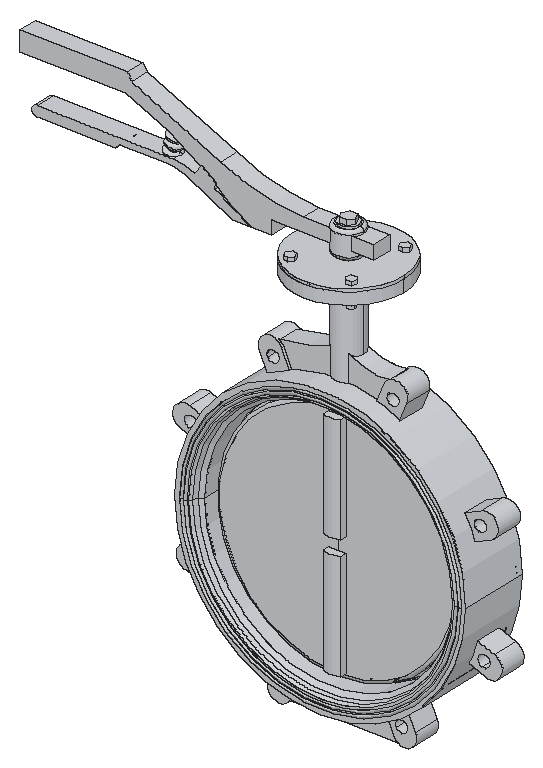
Revit family "R59FLY015", category Plumbing Fixtures, Revit 2015
Reference planes
  plane 1 "Center (Front/Back)": y = 0
  plane 2: z = 0
  plane 3 "Center (Left/Right)": x = 0
  plane 4: z = 202
  plane 5: x = -260
  plane 6: z = 279
  plane 7: z = -132
  plane 8: z = -30
  plane 9: z = 232
  plane 10: z = -30
  plane 11: y = -28.488
  plane 12: y = 28.012
Forms (mm)
  Extrusion 1, solid
    sketch origin (0, 0, 192) x (1, 0, 0) y (0, 1, 0)
      loop
        circle (0, 0) r 45
    from 0 to 10
  Extrusion 2, solid
    sketch origin (0, 45.948, -78.573) x (1, 0, 0) y (0, 0, 1)
      loop
        arc (-96.679, 319.319) -> (-132.67, 336.792) -> (-169.654, 352.049) r 659.286
        line (-169.654, 352.049) -> (-172.843, 357.573) -> (-260, 357.573) -> (-260, 341.853) -> (-174.471, 341.853)
        arc (-174.471, 341.853) -> (-122.152, 316.93) -> (-77.024, 280.573) r 248.649
        line (-77.024, 280.573) -> (-55.568, 280.573) -> (-55.568, 291.199) -> (26.878, 291.199) -> (26.878, 302.179) -> (-30.767, 302.179)
        arc (-30.767, 302.179) -> (-64.704, 306.978) -> (-96.679, 319.319) r 150.722
    from 37.966 to 54.11
  Extrusion 3, solid
    sketch origin (-37.783, 45.948, -148.087) x (1, 0, 0) y (0, 0, 1)
      loop
        line (-98.516, 377.301) -> (-208.006, 377.301)
        arc (-208.006, 377.301) -> (-212.274, 373.033) -> (-208.006, 368.766) r 4.268
        line (-208.006, 368.766) -> (-144.475, 368.766) -> (-140.939, 372.301) -> (-103.305, 372.301)
        arc (-103.305, 372.301) -> (-95.507, 371.471) -> (-88.058, 369.019) r 37.057
        arc (-88.058, 369.019) -> (-68.407, 360.05) -> (-49.241, 350.087) r 421.945
        line (-49.241, 350.087) -> (-34.866, 350.087)
        arc (-34.866, 350.087) -> (-48.985, 359.43) -> (-64, 367.252) r 162.429
        line (-64, 367.252) -> (-63.437, 371.843) -> (-74.98, 380.231) -> (-80.609, 372.485)
        arc (-80.609, 372.485) -> (-89.36, 375.646) -> (-98.516, 377.301) r 55.494
    from 37.966 to 54.11
  Extrusion 4, solid
    sketch origin (0, 0, -76.95) x (1, 0, 0) y (0, 1, 0)
      loop
        circle (0, 0) r 12
    from 189.916 to 268.95
  Revolve 5, solid
    sketch origin (0, 0, 0) x (0, 1, 0) y (0, 0, 1)
      loop
        line (-1.078, -101.414) -> (1.078, -101.414) -> (1.078, -100.48)
        arc (1.078, -100.48) -> (1.953, -99.047) -> (3.478, -98.343) r 2.888
        line (3.478, -98.343) -> (6.599, -98.343)
        arc (6.599, -98.343) -> (9.772, -96.601) -> (11.11, -93.238) r 5.351
        line (11.11, -93.238) -> (11.11, 0) -> (-11.11, 0) -> (-11.11, -95.674)
        arc (-11.11, -95.674) -> (-10.328, -97.561) -> (-8.44, -98.343) r 2.67
        line (-8.44, -98.343) -> (-3.478, -98.343)
        arc (-3.478, -98.343) -> (-1.953, -99.047) -> (-1.078, -100.48) r 2.888
        line (-1.078, -100.48) -> (-1.078, -101.414)
      axis (11.11, 0) -> (-11.11, 0)
    angle from 0 to 360
  Blend 6, solid
    base sketch origin (0, 0, -4.163) x (1, 0, 0) y (0, 1, 0)
      loop
        line (-6.883, 16.4) -> (-6.883, -16.4)
        arc (-6.883, -16.4) -> (0, -18.078) -> (6.883, -16.4) r 14.953
        line (6.883, -16.4) -> (6.883, 16.4)
        arc (6.883, 16.4) -> (0, 18.078) -> (-6.883, 16.4) r 14.953
    top sketch origin (0, 0, 0) x (1, 0, 0) y (0, 1, 0)
      loop
        line (-6.883, 16.4) -> (-6.883, -16.4)
        arc (-6.883, -16.4) -> (0, -18.078) -> (6.883, -16.4) r 14.953
        line (6.883, -16.4) -> (6.883, 16.4)
        arc (6.883, 16.4) -> (0, 18.078) -> (-6.883, 16.4) r 14.953
    from 10.163 to 92.996
  Blend 7, solid
    base sketch origin (0, 0, -38.601) x (0, -1, 0) y (1, 0, 0)
      loop
        line (-16.4, -6.883) -> (16.4, -6.883)
        arc (16.4, -6.883) -> (18.078, 0) -> (16.4, 6.883) r 14.953
        line (16.4, 6.883) -> (-16.4, 6.883)
        arc (-16.4, 6.883) -> (-18.078, 0) -> (-16.4, -6.883) r 14.953
    top sketch origin (0, 0, -35.117) x (0, -1, 0) y (1, 0, 0)
      loop
        line (-16.4, -6.883) -> (16.4, -6.883)
        arc (16.4, -6.883) -> (18.078, 0) -> (16.4, 6.883) r 14.953
        line (16.4, 6.883) -> (-16.4, 6.883)
        arc (-16.4, 6.883) -> (-18.078, 0) -> (-16.4, -6.883) r 14.953
    from -54.698 to 29.117
  Extrusion 8, solid
    sketch origin (-23.545, 0, 49.172) x (0.99863, 0, -0.052336) y (0.052336, 0, 0.99863)
      loop
        line (-18.251, 60.114) -> (-25.459, 74.264)
        arc (-25.459, 74.264) -> (-38.908, 78.635) -> (-43.28, 65.186) r 10
        line (-43.28, 65.186) -> (-36.072, 51.036) -> (-18.251, 60.114)
      loop
        circle (-32.1, 65.269) r 5
    from -10.546 to 10.991
  Extrusion 9, solid
    sketch origin (18.121, 0, 51.419) x (0.669131, 0, -0.743145) y (0.743145, 0, 0.669131)
      loop
        line (-18.251, 60.114) -> (-25.459, 74.264)
        arc (-25.459, 74.264) -> (-38.908, 78.635) -> (-43.28, 65.186) r 10
        line (-43.28, 65.186) -> (-36.072, 51.036) -> (-18.251, 60.114)
      loop
        circle (-32.1, 65.269) r 5
    from -10.546 to 10.991
  Extrusion 10, solid
    sketch origin (49.172, 0, 23.545) x (-0.052336, 0, -0.99863) y (0.99863, 0, -0.052336)
      loop
        line (-18.251, 60.114) -> (-25.459, 74.264)
        arc (-25.459, 74.264) -> (-38.908, 78.635) -> (-43.28, 65.186) r 10
        line (-43.28, 65.186) -> (-36.072, 51.036) -> (-18.251, 60.114)
      loop
        circle (-32.1, 65.269) r 5
    from -10.546 to 10.991
  Extrusion 11, solid
    sketch origin (51.419, 0, -18.121) x (-0.743145, 0, -0.669131) y (0.669131, 0, -0.743145)
      loop
        line (-18.251, 60.114) -> (-25.459, 74.264)
        arc (-25.459, 74.264) -> (-38.908, 78.635) -> (-43.28, 65.186) r 10
        line (-43.28, 65.186) -> (-36.072, 51.036) -> (-18.251, 60.114)
      loop
        circle (-32.1, 65.269) r 5
    from -10.546 to 10.991
  Extrusion 12, solid
    sketch origin (23.545, 0, -49.172) x (-0.99863, 0, 0.052336) y (-0.052336, 0, -0.99863)
      loop
        line (-18.251, 60.114) -> (-25.459, 74.264)
        arc (-25.459, 74.264) -> (-38.908, 78.635) -> (-43.28, 65.186) r 10
        line (-43.28, 65.186) -> (-36.072, 51.036) -> (-18.251, 60.114)
      loop
        circle (-32.1, 65.269) r 5
    from -10.546 to 10.991
  Extrusion 13, solid
    sketch origin (-18.121, 0, -51.419) x (-0.669131, 0, 0.743145) y (-0.743145, 0, -0.669131)
      loop
        line (-18.251, 60.114) -> (-25.459, 74.264)
        arc (-25.459, 74.264) -> (-38.908, 78.635) -> (-43.28, 65.186) r 10
        line (-43.28, 65.186) -> (-36.072, 51.036) -> (-18.251, 60.114)
      loop
        circle (-32.1, 65.269) r 5
    from -10.546 to 10.991
  Extrusion 14, solid
    sketch origin (-49.172, 0, -23.545) x (0.052336, 0, 0.99863) y (-0.99863, 0, 0.052336)
      loop
        line (-18.251, 60.114) -> (-25.459, 74.264)
        arc (-25.459, 74.264) -> (-38.908, 78.635) -> (-43.28, 65.186) r 10
        line (-43.28, 65.186) -> (-36.072, 51.036) -> (-18.251, 60.114)
      loop
        circle (-32.1, 65.269) r 5
    from -10.546 to 10.991
  Extrusion 15, solid
    sketch origin (-51.419, 0, 18.121) x (0.743145, 0, 0.669131) y (-0.669131, 0, 0.743145)
      loop
        line (-18.251, 60.114) -> (-25.459, 74.264)
        arc (-25.459, 74.264) -> (-38.908, 78.635) -> (-43.28, 65.186) r 10
        line (-43.28, 65.186) -> (-36.072, 51.036) -> (-18.251, 60.114)
      loop
        circle (-32.1, 65.269) r 5
    from -10.546 to 10.991
  Extrusion 16, solid
    sketch origin (99.126, -27.447, 204) x (0, -1, 0) y (1, 0, 0)
      loop
        line (3.99, -123.113) -> (0.805, -120.344) -> (-3.184, -121.718) -> (-3.99, -125.86) -> (-0.805, -128.628) -> (3.184, -127.254) -> (3.99, -123.113)
    from 0 to 3
  Extrusion 17, solid
    sketch origin (99.126, -27.447, 184) x (0, -1, 0) y (1, 0, 0)
      loop
        circle (0, -124.486) r 3
    from 2.505 to 20
  Extrusion 18, solid
    sketch origin (99.126, -27.447, 191) x (0, -1, 0) y (1, 0, 0)
      loop
        line (3.99, -123.113) -> (0.805, -120.344) -> (-3.184, -121.718) -> (-3.99, -125.86) -> (-0.805, -128.628) -> (3.184, -127.254) -> (3.99, -123.113)
      loop
        line (-3.444, -125.672) -> (-0.695, -128.061) -> (2.749, -126.876) -> (3.444, -123.301) -> (0.695, -120.911) -> (-2.749, -122.097) -> (-3.444, -125.672)
    from -1.968 to 1
  Extrusion 19, solid, not visible
    sketch origin (26.117, -96.518, 104.233) x (0, -1, 0) y (1, 0, 0)
      loop
        line (3.99, -123.113) -> (0.805, -120.344) -> (-3.184, -121.718) -> (-3.99, -125.86) -> (-0.805, -128.628) -> (3.184, -127.254) -> (3.99, -123.113)
    from 0 to 3
  Extrusion 20, solid, not visible
    sketch origin (26.117, -96.518, 84.233) x (0, -1, 0) y (1, 0, 0)
      loop
        circle (0, -124.486) r 3
    from 2.505 to 20
  Extrusion 21, solid, not visible
    sketch origin (26.117, -96.518, 91.233) x (0, -1, 0) y (1, 0, 0)
      loop
        line (3.99, -123.113) -> (0.805, -120.344) -> (-3.184, -121.718) -> (-3.99, -125.86) -> (-0.805, -128.628) -> (3.184, -127.254) -> (3.99, -123.113)
      loop
        line (-3.444, -125.672) -> (-0.695, -128.061) -> (2.749, -126.876) -> (3.444, -123.301) -> (0.695, -120.911) -> (-2.749, -122.097) -> (-3.444, -125.672)
    from -1.968 to 1
  Extrusion 22, solid
    sketch origin (0, 0, 202) x (1, 0, 0) y (0, 1, 0)
      loop
        circle (0, 0) r 45
    from 0 to 2
  Extrusion 23, solid
    sketch origin (99.126, -27.447, 204) x (0, -1, 0) y (1, 0, 0)
      loop
        line (-58.884, -123.113) -> (-58.079, -127.254) -> (-54.09, -128.628) -> (-50.905, -125.86) -> (-51.71, -121.718) -> (-55.7, -120.344) -> (-58.884, -123.113)
    from 0 to 3
  Extrusion 24, solid
    sketch origin (99.126, -27.447, 184) x (0, -1, 0) y (1, 0, 0)
      loop
        circle (-54.895, -124.486) r 3
    from 2.505 to 20
  Extrusion 25, solid
    sketch origin (99.126, -27.447, 191) x (0, -1, 0) y (1, 0, 0)
      loop
        line (-58.884, -123.113) -> (-58.079, -127.254) -> (-54.09, -128.628) -> (-50.905, -125.86) -> (-51.71, -121.718) -> (-55.7, -120.344) -> (-58.884, -123.113)
      loop
        line (-51.451, -125.672) -> (-52.146, -122.097) -> (-55.59, -120.911) -> (-58.339, -123.301) -> (-57.644, -126.876) -> (-54.2, -128.061) -> (-51.451, -125.672)
    from -1.968 to 1
  Extrusion 26, solid
    sketch origin (-100.376, 27.447, 204) x (0, 1, 0) y (-1, 0, 0)
      loop
        line (-58.884, -123.113) -> (-58.079, -127.254) -> (-54.09, -128.628) -> (-50.905, -125.86) -> (-51.71, -121.718) -> (-55.7, -120.344) -> (-58.884, -123.113)
    from 0 to 3
  Extrusion 27, solid
    sketch origin (-100.376, 27.447, 184) x (0, 1, 0) y (-1, 0, 0)
      loop
        circle (-54.895, -124.486) r 3
    from 2.505 to 20
  Extrusion 28, solid
    sketch origin (-100.376, 27.447, 191) x (0, 1, 0) y (-1, 0, 0)
      loop
        line (-58.884, -123.113) -> (-58.079, -127.254) -> (-54.09, -128.628) -> (-50.905, -125.86) -> (-51.71, -121.718) -> (-55.7, -120.344) -> (-58.884, -123.113)
      loop
        line (-51.451, -125.672) -> (-52.146, -122.097) -> (-55.59, -120.911) -> (-58.339, -123.301) -> (-57.644, -126.876) -> (-54.2, -128.061) -> (-51.451, -125.672)
    from -1.968 to 1
  Extrusion 29, solid
    sketch origin (-100.376, 27.447, 204) x (0, 1, 0) y (-1, 0, 0)
      loop
        line (3.99, -123.113) -> (0.805, -120.344) -> (-3.184, -121.718) -> (-3.99, -125.86) -> (-0.805, -128.628) -> (3.184, -127.254) -> (3.99, -123.113)
    from 0 to 3
  Extrusion 30, solid
    sketch origin (-100.376, 27.447, 184) x (0, 1, 0) y (-1, 0, 0)
      loop
        circle (0, -124.486) r 3
    from 2.505 to 20
  Extrusion 31, solid
    sketch origin (-100.376, 27.447, 191) x (0, 1, 0) y (-1, 0, 0)
      loop
        line (3.99, -123.113) -> (0.805, -120.344) -> (-3.184, -121.718) -> (-3.99, -125.86) -> (-0.805, -128.628) -> (3.184, -127.254) -> (3.99, -123.113)
      loop
        line (-3.444, -125.672) -> (-0.695, -128.061) -> (2.749, -126.876) -> (3.444, -123.301) -> (0.695, -120.911) -> (-2.749, -122.097) -> (-3.444, -125.672)
    from -1.968 to 1
  Extrusion 32, solid
    sketch origin (125.063, -27.447, 229.144) x (0, -1, 0) y (1, 0, 0)
      loop
        line (-32.638, -122.069) -> (-32.638, -128.062) -> (-27.447, -131.059) -> (-22.257, -128.062) -> (-22.257, -122.069) -> (-27.447, -119.072) -> (-32.638, -122.069)
    from -1.014 to 2.856
  Extrusion 33, solid
    sketch origin (124.477, -54.895, 224.2) x (0, -1, 0) y (1, 0, 0)
      loop
        circle (-54.895, -124.486) r 8
    from -22.2 to 3.931
  Sweep 34, solid
    path origin (0, 0, 0) x (1, 0, 0) y (0, 0, 1)
      loop
        circle (0, 0) r 118
    profile origin (0, 0, -118) x (0, 0, 1) y (0, -1, 0)
      loop
        line (16.683, -18.432) -> (16.683, 19.092) -> (13.454, 22.321) -> (12.517, 25.818) -> (10.888, 28.16) -> (9.28, 28.16)
        arc (9.28, 28.16) -> (8.267, 29.174) -> (7.253, 28.16) r 1.014
        line (7.253, 28.16) -> (5.98, 28.16)
        arc (5.98, 28.16) -> (4.966, 29.174) -> (3.952, 28.16) r 1.014
        line (3.952, 28.16) -> (0.625, 28.16) -> (0.625, -27.5) -> (3.952, -27.5)
        arc (3.952, -27.5) -> (4.966, -28.514) -> (5.98, -27.5) r 1.014
        line (5.98, -27.5) -> (7.253, -27.5)
        arc (7.253, -27.5) -> (8.267, -28.514) -> (9.28, -27.5) r 1.014
        line (9.28, -27.5) -> (10.888, -27.5) -> (12.517, -25.158) -> (13.454, -21.661) -> (16.683, -18.432)
  Extrusion 35, solid
    sketch origin (0, 0, 52.465) x (1, 0, 0) y (0, 0, 1)
      loop
        line (-40.68, 57.237) -> (33.443, 57.237) -> (41.819, 79.049)
        arc (41.819, 79.049) -> (20.604, 80.114) -> (1.583, 89.569) r 52.027
        line (1.583, 89.569) -> (1.583, 72.112) -> (-1.691, 72.112) -> (-1.691, 88.638)
        arc (-1.691, 88.638) -> (-25.119, 81.168) -> (-49.27, 76.538) r 206.352
        line (-49.27, 76.538) -> (-40.68, 57.237)
    from -7.881 to 9.454
  Extrusion 36, solid
    sketch origin (-2.813, 0.293, -41.182) x (1, 0, 0) y (0, 0, 1)
      loop
        line (52.651, -88.641) -> (43.835, -68.839) -> (-30.192, -68.839) -> (-37.796, -88.641) -> (52.651, -88.641)
    from -9.388 to 9.974
  Revolve 37, solid
    sketch origin (0, 0, 62) x (1, 0, 0) y (0, 0, 1)
      loop
        line (-9.486, 143.746) -> (0, 143.746) -> (0, 165) -> (-9.486, 165)
        arc (-9.486, 165) -> (-11.259, 164.265) -> (-11.994, 162.492) r 2.508
        line (-11.994, 162.492) -> (-11.994, 146.254)
        arc (-11.994, 146.254) -> (-11.259, 144.481) -> (-9.486, 143.746) r 2.508
      axis (0, 143.746) -> (0, 165)
    angle from 0 to 360
  Sweep 38, solid
    path origin (-48.156, 0, 228.496) x (0.978732, 0, -0.205142) y (0, 1, 0)
      loop
        circle (-92.344, 0) r 5
    profile origin (-138.536, 5, 247.439) x (0, -1, 0) y (0.205142, 0, 0.978732)
      loop
        circle (0, 0) r 2
  Sweep 39, solid
    path origin (-49.24, 0, 222.236) x (0.978732, 0, -0.205142) y (0, 1, 0)
      loop
        circle (-92.344, 0) r 5
    profile origin (-139.62, 5, 241.18) x (0, -1, 0) y (0.205142, 0, 0.978732)
      loop
        circle (0, 0) r 2
  Sweep 40, solid
    path origin (-50.258, 0, 216.62) x (0.978732, 0, -0.205142) y (0, 1, 0)
      loop
        circle (-92.344, 0) r 5
    profile origin (-140.638, 5, 235.564) x (0, -1, 0) y (0.205142, 0, 0.978732)
      loop
        circle (0, 0) r 2
  Sweep 41, solid
    path origin (-51.686, 0, 209.994) x (0.978732, 0, -0.205142) y (0, 1, 0)
      loop
        circle (-92.344, 0) r 5
    profile origin (-142.066, 5, 228.938) x (0, -1, 0) y (0.205142, 0, 0.978732)
      loop
        circle (0, 0) r 2
  Sweep 42, solid
    path origin (-0.002, 0, 0) x (1, 0, 0) y (0, 0, 1)
      loop
        circle (0, 0) r 118
    profile origin (-0.002, 0, -118) x (0, 0, 1) y (0, -1, 0)
      loop
        line (0, 28.488) -> (0, -28.012) -> (3.944, -28.012) -> (3.944, 28.488) -> (0, 28.488)
Dimensions and locks
  plane 2 to plane 4 = 202 mm
  plane 3 "Center (Left/Right)" to plane 5 = 260 mm
  level to plane 6 = 279 mm
  plane 7 to level = 132 mm
  locked: plane 4 to plane 9 at 30
  plane 12 to plane 11 = 56.5 mm
  aligned and locked: level to plane 2
